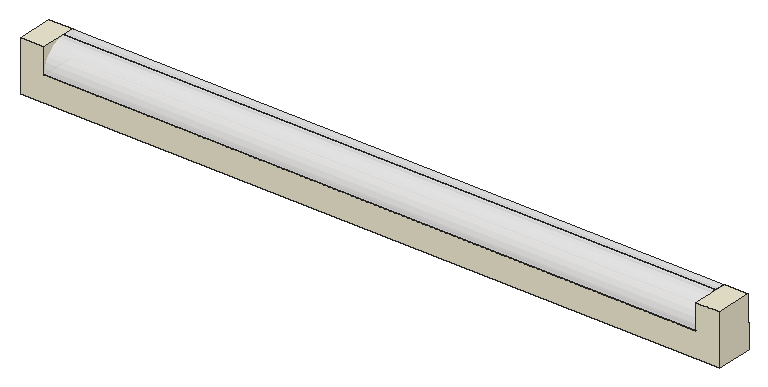
Revit family "3-549-xx-BPxx - 37-549-xx-BPxx - Balance (Vanity)", category Lighting Fixtures, host Face, Revit 2018
Family settings
  Host = Face
  Round Connector Dimension = Use Diameter
  Part Type = Normal
  Cut with Voids When Loaded = No
  Light Source = No
  Shared = No
  Room Calculation Point = No
Parameters (values of type "3-549-20 / 37-549-20 - Balance")
  Wattage Comments = "14.5 W at 120 V"  # constant formula
  Voltage Input [instance] = "120 V or 277 V 50/60Hz"  # constant formula
  URL = "www.oxygenlighting.com"
  Other = none
  References [instance] = "Ref. 3 = 120V / Ref. 37 = 277 V"  # constant formula
  Model = "3-549-xx-BPxx / 37-549-xx-BPxx - Balance"  # constant formula
  Metal Finish = 20 - Polished Nickel
  Manufacturer = "Oxygen Lighting & Fans"  # constant formula
  Lamp = "LED Array"  # constant formula
  Fixture = 3-549 Balance : 3-549 Balance
  Diffuser = Matte White Acrylic
  Default Elevation = 0.00"
Types (5): name | Metal Finish | Fixture
  (no name) | 20 - Polished Nickel | 3-549 Balance : 3-549 Balance
  3-549-20 / 37-549-20 - Balance | 20 - Polished Nickel | 3-549 Balance : 3-549 Balance
  3-549-20-BP20 / 37-549-20-BP20 - Balance | 20 - Polished Nickel | 3-549 Balance BP : 3-549 Balance BP
  3-549-24-BP24 / 37-549-24-BP24 - Balance | 24 - Satin Nickel | 3-549 Balance BP : 3-549 Balance BP
  3-549-24 / 37-549-24 - Balance | 24 - Satin Nickel | 3-549 Balance : 3-549 Balance
Reference planes (in)
  plane 1 "Center (Front/Back)": y = 0
  plane 2: z = 0
  plane 3 "Center (Left/Right)": x = 0
Dimensions and locks (in)
  nested 1 to plane 1 "Center (Front/Back)" = 1.25"
  aligned and locked: plane 2 to host face
  aligned and locked: level to host face
  aligned and locked: nested 1 to plane 3 "Center (Left/Right)"
Nested families (in)
  nested 1: "3-549 Balance" at (0, 0, 0) x (-1, 0, 0) z (0, 0, 1), type <- "Fixture", type "3-549 Balance"
Definition of nested family "3-549 Balance"
  Parameters (values of type "3-549 Balance")
    Wattage = 28.6 W
    built-in parameter 1150110 = 1 (stored number, unit not read)
    built-in parameter 1114217 = 1 (stored number, unit not read)
    Tilt Angle = 180.00°  # constant formula
    built-in parameter 1150109 = 1 (stored number, unit not read)
    built-in parameter 1150134 = (empty or 0)
    built-in parameter 1150113 = 1 (stored number, unit not read)
    Photometric Web File = "3-549 Balance Vanity.ies"
    Metal Finish = none
    built-in parameter 1150105 = 160.91 (stored number, unit not read)
    Lumens = 2022.02 lm
    built-in parameter 1150115 = 1 (stored number, unit not read)
    built-in parameter 1150137 = (empty or 0)
    built-in parameter 1150139 = (empty or 0)
    built-in parameter 1150112 = 1 (stored number, unit not read)
    built-in parameter 1150114 = 1 (stored number, unit not read)
    built-in parameter 1150132 = (empty or 0)
    built-in parameter 1150102 = (empty or 0)
    built-in parameter 1150107 = 3000 (stored number, unit not read)
    built-in parameter 1150138 = (empty or 0)
    built-in parameter 1150106 = 1.6091 (stored number, unit not read)
    Emit from Rectangle Width = 24.00"  # constant formula
    Emit from Rectangle Length = 1.00"  # constant formula
    Emit Shape Visible in Rendering = no
    built-in parameter 1150104 = 6.5682 (stored number, unit not read)
    Dimming Lamp Color Temperature Shift = (empty or 0)
    Diffuser = none
    Color Filter = 16777215
    built-in parameter 1114218 = 1 (stored number, unit not read)
    built-in parameter 1150133 = 10 (stored number, unit not read)
  Reference planes (in)
    plane 1 "Center (Front/Back)": y = 0
    plane 2: z = 0
    plane 3 "Center (Left/Right)": x = 0
    plane 4: x = -12.76813
  Forms (in)
    Extrusion 1, solid, material <- "Diffuser"
      sketch origin (0, 58.89848, -3) x (0, 0, -1) y (0, -1, 0)
        loop
          line (-6.5, 60.14848) -> (-6.5, 59.39848)
          arc (-6.5, 59.39848) -> (-5.98744, 58.16104) -> (-4.75, 57.64848) r 1.75
          line (-4.75, 57.64848) -> (-4.75, 60.14848) -> (-6.5, 60.14848)
      from -22.73292 to 22.73292
    Extrusion 2, void
      sketch origin (0, 78.02373, -3) x (0, 0, -1) y (0, -1, 0)
        loop
          line (-4.25, 77.05659) -> (-4.25, 79.07373) -> (-6.3, 79.07373) -> (-6.3, 78.52373)
          arc (-6.3, 78.52373) -> (-5.65208, 77.26327) -> (-4.25, 77.05659) r 1.55
      from -22.73292 to 22.73292
    Extrusion 3, solid, material <- "Diffuser", not visible
      sketch origin (0.60687, 0, -44.98421) x (0, -1, 0) y (0, 0, 1)
        loop
          line (-6.5, 60.14848) -> (-6.5, 59.39848)
          arc (-6.5, 59.39848) -> (-5.98744, 58.16104) -> (-4.75, 57.64848) r 1.75
          line (-4.75, 57.64848) -> (-4.75, 60.14848) -> (-6.5, 60.14848)
      from -22.85 to 22.85
    Extrusion 4, solid, material <- "Metal Finish", not visible
      sketch origin (2.0382, 6, -64.10946) x (1, 0, 0) y (0, 0, 1)
        loop
          line (23.91867, 76.77373) -> (23.91867, 79.27373) -> (-26.78133, 79.27373) -> (-26.78133, 76.77373) -> (23.91867, 76.77373)
      from -0.5 to 3
    Extrusion 5, void, not visible
      sketch origin (2.0382, 6, -64.10946) x (1, 0, 0) y (0, 0, 1)
        loop
          line (21.41867, 73.339) -> (21.41867, 82.339) -> (-24.28133, 82.339) -> (-24.28133, 73.339) -> (21.41867, 73.339)
      from -6.17161 to 1.25
    Extrusion 6, void, not visible
      sketch origin (0.60687, 0, -64.10946) x (0, -1, 0) y (0, 0, 1)
        loop
          line (-4.25, 77.05659) -> (-4.25, 79.07373) -> (-6.3, 79.07373) -> (-6.3, 78.52373)
          arc (-6.3, 78.52373) -> (-5.65208, 77.26327) -> (-4.25, 77.05659) r 1.55
      from -22.85 to 22.85
    Extrusion 7, solid, material <- "Metal Finish"
      sketch origin (0, 3.9678, 0) x (0, 0, 1) y (0, -1, 0)
        loop
          line (0, 5.2178) -> (0, 2.7178) -> (3.5, 2.7178) -> (3.5, 5.2178) -> (0, 5.2178)
      from -24.37446 to 24.37446
    Extrusion 8, void
      sketch origin (0, 3.9678, 0) x (0, 0, 1) y (0, -1, 0)
        loop
          line (1.75, 5.2178) -> (1.75, 2.7178) -> (3.5, 2.7178) -> (3.5, 5.2178) -> (1.75, 5.2178)
      from -22.73292 to 22.73292
  Cuts and joins
    Extrusion 2 cuts Extrusion 1
    Extrusion 8 cuts Extrusion 7
  Dimensions and locks (in)
    equal spacing: cut or joined group of Extrusion 1, Extrusion 2, plane 3 "Center (Left/Right)", cut or joined group of Extrusion 1, Extrusion 2  (x2)
    aligned and locked: plane 2 to level
    aligned and locked: imposter light to plane 3 "Center (Left/Right)"
  Automatic sketch dimensions
    plane 1 "Center (Front/Back)" to Extrusion 1 sketch curve = 1.25"
    level to Extrusion 1 sketch curve = 3.50"
    plane 1 "Center (Front/Back)" to Extrusion 1 sketch curve = 0.50"
    Extrusion 1 sketch curve to Extrusion 1 sketch curve = 1.75"
    plane 1 "Center (Front/Back)" to Extrusion 2 sketch curve = 0.50"
    level to Extrusion 2 sketch curve = 3.30"
    Extrusion 2 sketch curve to Extrusion 2 sketch curve = 1.55"
    Extrusion 2 sketch curve to Extrusion 2 sketch curve = 0.50"
    plane 1 "Center (Front/Back)" to Extrusion 2 sketch curve = 1.05"
    level to Extrusion 7 sketch curve = 0.00"
    Extrusion 7 sketch curve to Extrusion 7 sketch curve = 3.50"
    Extrusion 7 sketch curve to plane 1 "Center (Front/Back)" = 1.25"
    plane 1 "Center (Front/Back)" to Extrusion 7 sketch curve = 1.25"
    level to Extrusion 8 sketch curve = 1.75"
    Extrusion 8 sketch curve to Extrusion 8 sketch curve = 1.75"
    Extrusion 8 sketch curve to plane 1 "Center (Front/Back)" = 1.25"
    plane 1 "Center (Front/Back)" to Extrusion 8 sketch curve = 1.25"
